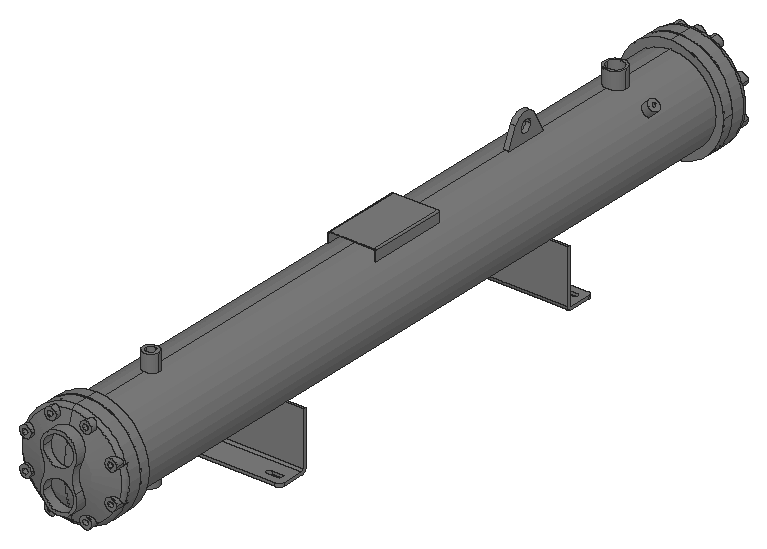
Revit family "MIT-BC_100_4P", category Specialty Equipment, Revit 2022
Family settings
  Round Connector Dimension = Use Radius
  Part Type = Normal
  Work Plane-Based = No
  Always vertical = Yes
  Cut with Voids When Loaded = No
  Maintain Annotation Orientation = No
  Shared = No
  Room Calculation Point = No
Parameters
  URL = "https://en.ekinendustriyel.com/evaporators-and-condensers"
  Test Pressure = 64.35 bar
  Production Standard = "TS EN 13831"
  Operating Pressure = 45.0 bar
  Model = "MIT-BC 100_4P"
  Manufacturer = "Ekin Endüstriyel"
  Keynote = "Condensers"
  Description = "MIT- Condensers"
  Default Elevation = 0 mm
Reference planes
  plane 1 "Center (Front/Back)": y = 0
  plane 2: z = 0
  plane 3 "Center (Left/Right)": x = 0
Forms (mm)
  Extrusion 1, solid, material "Ekin Endustriyel-S235JR", detail levels medium+fine
    sketch origin (0, 0, 0) x (1, 0, 0) y (0, 0, 1)
      loop
        circle (0, 164.15) r 84.15
    from -677.708 to 682.368
  Extrusion 2, solid, material "Ekin Endustriyel-S235JR", detail levels fine
    sketch origin (0, 0, 0) x (1, 0, 0) y (0, 0, 1)
      loop
        line (-45, 235.88) -> (-44, 235.88) -> (-44, 252.88)
        arc (-44, 252.88) -> (-43.414, 254.294) -> (-42, 254.88) r 2
        line (-42, 254.88) -> (42, 254.88)
        arc (42, 254.88) -> (43.414, 254.294) -> (44, 252.88) r 2
        line (44, 252.88) -> (44, 235.88) -> (45, 235.88) -> (45, 252.88)
        arc (45, 252.88) -> (44.121, 255.002) -> (42, 255.88) r 3
        line (42, 255.88) -> (-42, 255.88)
        arc (-42, 255.88) -> (-44.121, 255.002) -> (-45, 252.88) r 3
        line (-45, 252.88) -> (-45, 235.88)
    from -72.707 to 77.293
  Extrusion 3, solid, material "Ekin Endustriyel-S235JR", detail levels fine
    sketch origin (0, 297.897, 0) x (1, 0, 0) y (0, 1, 0)
      loop
        circle (-1.19, 249.81) r 20.25
      loop
        circle (-1.19, 249.81) r 16.251
    from 278.3 to 204.31
  Extrusion 4, solid, material "Ekin Endustriyel-S235JR", detail levels fine
    sketch origin (0, -301.958, 0) x (1, 0, 0) y (0, 1, 0)
      loop
        circle (-1.19, -250.334) r 15.25
      loop
        circle (-1.19, -250.334) r 8.928
    from 278.3 to 211.07
  Extrusion 5, solid, material "Ekin Endustriyel-S235JR", detail levels fine
    sketch origin (71.72, 547.563, 235.87) x (0, 1, 0) y (-0.707107, 0, 0.707107)
      loop
        circle (0, 0) r 11
      loop
        circle (0, 0) r 4.216
    from 0 to -32.02
  Extrusion 6, solid, material "Ekin Endustriyel-S235JR", detail levels fine
    sketch origin (0, -302.583, 0) x (1, 0, 0) y (0, 1, 0)
      loop
        circle (-2.938, -249.709) r 16.75
      loop
        circle (-2.938, -249.709) r 13.335
    from 51.131 to 169.15
  Extrusion 7, solid, material "Ekin Endustriyel-S235JR", detail levels medium+fine
    sketch origin (0, -352.034, 0) x (1, 0, 0) y (0, 0, 1)
      loop
        circle (0, 164.15) r 100
    from 330.334 to 350.334
  Extrusion 8, solid, material "Ekin Endustriyel-S235JR", detail levels medium+fine
    sketch origin (0, 978.042, 0) x (1, 0, 0) y (0, 0, 1)
      loop
        circle (0, 164.15) r 100
    from 280.334 to 300.334
  Revolve 9, solid, material "Ekin Endustriyel-S235JR", detail levels medium+fine
    sketch origin (0, -352.034, 0) x (0, 1, 0) y (0, 0, 1)
      loop
        line (-352.334, 264.15) -> (-377.299, 264.15)
        arc (-377.299, 264.15) -> (-382.802, 262.5) -> (-386.489, 258.094) r 10
        arc (-386.489, 258.094) -> (-401.262, 212.101) -> (-407.122, 164.15) r 255.705
        line (-407.122, 164.15) -> (-352.334, 164.15) -> (-352.334, 264.15)
      axis (-352.334, 164.15) -> (-407.122, 164.15)
    angle from 0 to 360
  Extrusion 10, solid, material "Ekin Endustriyel-S235JR", detail levels medium+fine
    sketch origin (0, 347.373, 0) x (1, 0, 0) y (0, 0, -1)
      loop
        circle (0, -164.15) r 100
    from 330.334 to 350.334
  Revolve 11, solid, material "Ekin Endustriyel-S235JR", detail levels medium+fine
    sketch origin (0, 347.373, 0) x (0, -1, 0) y (0, 0, -1)
      loop
        line (-352.334, -264.15) -> (-352.334, -164.15) -> (-407.122, -164.15)
        arc (-407.122, -164.15) -> (-401.262, -212.101) -> (-386.489, -258.094) r 255.705
        arc (-386.489, -258.094) -> (-382.802, -262.5) -> (-377.299, -264.15) r 10
        line (-377.299, -264.15) -> (-352.334, -264.15)
      axis (-352.334, -164.15) -> (-407.122, -164.15)
    angle from 0 to 360
  Extrusion 12, solid, detail levels coarse
    sketch origin (0, 0, 0) x (1, 0, 0) y (0, 0, 1)
      loop
        circle (0, 164.159) r 99.991
    from -754.707 to 769.293
  Extrusion 13, solid, material "Ekin Endustriyel-S235JR"
    sketch origin (0, 173.042, 0) x (0, 1, 0) y (0, 0, 1)
      loop
        arc (134.666, 9) -> (137.302, 2.636) -> (143.666, 0) r 9
        line (143.666, 0) -> (194.666, 0) -> (194.666, 5) -> (143.666, 5)
        arc (143.666, 5) -> (140.837, 6.172) -> (139.666, 9) r 4
        line (139.666, 9) -> (139.666, 110) -> (134.666, 110) -> (134.666, 9)
    from -100 to 100
  Extrusion 14, void
    sketch origin (0, 367.707, 5) x (0, -1, 0) y (1, 0, 0)
      loop
        line (25.25, 63.5) -> (25.25, 83.5)
        arc (25.25, 83.5) -> (20, 88.75) -> (14.75, 83.5) r 5.25
        line (14.75, 83.5) -> (14.75, 63.5)
        arc (14.75, 63.5) -> (20, 58.25) -> (25.25, 63.5) r 5.25
      loop
        line (10, 100) -> (-10, 100) -> (-10, -100) -> (10, -100)
        arc (10, -100) -> (2.929, -97.071) -> (0, -90) r 10
        line (0, -90) -> (0, 90)
        arc (0, 90) -> (2.929, 97.071) -> (10, 100) r 10
      loop
        arc (14.75, -83.5) -> (20, -88.75) -> (25.25, -83.5) r 5.25
        line (25.25, -83.5) -> (25.25, -63.5)
        arc (25.25, -63.5) -> (20, -58.25) -> (14.75, -63.5) r 5.25
        line (14.75, -63.5) -> (14.75, -83.5)
    from -5 to 0
  Extrusion 15, solid, material "Ekin Endustriyel-S235JR"
    sketch origin (0, -177.627, 0) x (0, -1, 0) y (0, 0, -1)
      loop
        line (134.666, -9) -> (134.666, -110) -> (139.666, -110) -> (139.666, -9)
        arc (139.666, -9) -> (140.837, -6.172) -> (143.666, -5) r 4
        line (143.666, -5) -> (194.666, -5) -> (194.666, 0) -> (143.666, 0)
        arc (143.666, 0) -> (137.302, -2.636) -> (134.666, -9) r 9
    from -100 to 100
  Extrusion 16, void
    sketch origin (0, -372.293, 5) x (0, 1, 0) y (-1, 0, 0)
      loop
        arc (25.25, -63.5) -> (20, -58.25) -> (14.75, -63.5) r 5.25
        line (14.75, -63.5) -> (14.75, -83.5)
        arc (14.75, -83.5) -> (20, -88.75) -> (25.25, -83.5) r 5.25
        line (25.25, -83.5) -> (25.25, -63.5)
      loop
        arc (10, -100) -> (2.929, -97.071) -> (0, -90) r 10
        line (0, -90) -> (0, 90)
        arc (0, 90) -> (2.929, 97.071) -> (10, 100) r 10
        line (10, 100) -> (-10, 100) -> (-10, -100) -> (10, -100)
      loop
        line (14.75, 83.5) -> (14.75, 63.5)
        arc (14.75, 63.5) -> (20, 58.25) -> (25.25, 63.5) r 5.25
        line (25.25, 63.5) -> (25.25, 83.5)
        arc (25.25, 83.5) -> (20, 88.75) -> (14.75, 83.5) r 5.25
    from -5 to 0
  Extrusion 17, solid, material "Ekin Endustriyel-S235JR", detail levels medium+fine
    sketch origin (40, -352.034, 0) x (1, 0, 0) y (0, 0, 1)
      loop
        circle (-41.19, 201.65) r 28.5
      loop
        circle (-41.19, 126.65) r 28.5
      loop
        arc (-10.508, 185.875) -> (-39.567, 236.112) -> (-73.219, 188.829) r 34.5
        arc (-73.219, 188.829) -> (-67.482, 164.15) -> (-73.219, 139.471) r 55.945
        arc (-73.219, 139.471) -> (-41.19, 92.15) -> (-9.161, 139.471) r 34.5
        arc (-9.161, 139.471) -> (-14.875, 162.527) -> (-10.508, 185.875) r 55.945
    from 390.526 to 417.259
  Extrusion 18, solid, material "Ekin Endustriyel-S235JR", detail levels medium+fine
    sketch origin (0, 348.042, 0) x (1, 0, 0) y (0, 0, 1)
      loop
        circle (-80.837, 197.64) r 11
      loop
        circle (-80.837, 197.64) r 5.497
      loop
        circle (-80.837, 130.66) r 11
      loop
        circle (-80.837, 130.66) r 5.497
      loop
        circle (80.837, 197.64) r 11
      loop
        circle (80.837, 197.64) r 5.497
      loop
        circle (80.837, 130.66) r 11
      loop
        circle (80.837, 130.66) r 5.497
      loop
        circle (33.49, 244.987) r 11
      loop
        circle (33.49, 244.987) r 5.497
      loop
        circle (-33.49, 244.987) r 11
      loop
        circle (-33.49, 244.987) r 5.497
      loop
        circle (33.49, 83.313) r 11
      loop
        circle (33.49, 83.313) r 5.497
      loop
        circle (-33.49, 83.313) r 11
      loop
        circle (-33.49, 83.313) r 5.497
      loop
        circle (0, 246.649) r 12.497
      loop
        circle (0, 246.649) r 5.497
      loop
        circle (0, 81.651) r 12.497
      loop
        circle (0, 81.651) r 5.497
    from -396.666 to -367.889
  Extrusion 19, solid, material "Ekin Endustriyel-S235JR", detail levels medium+fine
    sketch origin (0, -352.034, 0) x (1, 0, 0) y (0, 0, -1)
      loop
        circle (-80.837, -197.64) r 11
      loop
        circle (-80.837, -197.64) r 5.497
      loop
        circle (-80.837, -130.66) r 11
      loop
        circle (-80.837, -130.66) r 5.497
      loop
        circle (80.837, -197.64) r 11
      loop
        circle (80.837, -197.64) r 5.497
      loop
        circle (80.837, -130.66) r 11
      loop
        circle (80.837, -130.66) r 5.497
      loop
        circle (33.49, -244.987) r 11
      loop
        circle (33.49, -244.987) r 5.497
      loop
        circle (-33.49, -244.987) r 11
      loop
        circle (-33.49, -244.987) r 5.497
      loop
        circle (33.49, -83.313) r 11
      loop
        circle (33.49, -83.313) r 5.497
      loop
        circle (-33.49, -83.313) r 11
      loop
        circle (-33.49, -83.313) r 5.497
    from -396.666 to -367.889
  Extrusion 20, solid, material "Ekin Endustriyel-S235JR", detail levels medium+fine
    sketch origin (0, 348.042, 0) x (1, 0, 0) y (0, 0, 1)
      loop
        circle (-35.355, 199.505) r 22
      loop
        circle (35.355, 128.795) r 22
    from -406.666 to -351.666
  Extrusion 21, solid, material "Ekin Endustriyel-S235JR", detail levels fine
    sketch origin (0, -0.334, 0) x (0, -1, 0) y (0, 0, -1)
      loop
        line (-368.042, -248.151) -> (-350.514, -284.106)
        arc (-350.514, -284.106) -> (-328.042, -298.151) -> (-305.57, -284.106) r 25
        line (-305.57, -284.106) -> (-288.042, -248.151) -> (-368.042, -248.151)
      loop
        circle (-328.042, -273.151) r 12.5
    from -5 to 5
Cuts and joins
  Extrusion 14, Extrusion 16 cuts Extrusion 13
  Extrusion 16 cuts Extrusion 15
Dimensions and locks
  aligned and locked: level to plane 2
Connectors
  piping at (-1.19, -769.293, 201.65), diameter 50.8
    settings: on Extrusion 17, index 1, connector inside diameter 609.6 mm, connector length 0 mm, flow factor 0, pipe flow 0.0 L/s, pressure drop 0.0 Pa, fitting loss kfactor 0, connector angle 0.00°, fixture units 0, engagement length 0 mm, angle of deflection 0.00°, flow configuration 0, flow direction 1, fitting loss method 0, system type 7, joint type 0, gender type 0, connector reference index -1, connector utility 0, adjustable connector no, is connector primary yes, connector description ""
  piping at (-1.19, -769.293, 126.65), diameter 50.8
    settings: on Extrusion 17, index 2, connector inside diameter 609.6 mm, connector length 0 mm, flow factor 0, pipe flow 0.0 L/s, pressure drop 0.0 Pa, fitting loss kfactor 0, connector angle 0.00°, fixture units 0, engagement length 0 mm, angle of deflection 0.00°, flow configuration 0, flow direction 2, fitting loss method 0, system type 7, joint type 0, gender type 0, connector reference index -1, connector utility 0, adjustable connector no, is connector primary no, connector description ""
  hvac at (-1.19, 547.707, 278.3)
    settings: on Extrusion 3, index 3, duct flow 0.0 L/s, flow factor 0, pres drop 0.0 bar, loss coef 0, conn angle 0.00°, conn width 304.8 mm, conn height 304.8 mm, conn diameter 35 mm, duct sys type 3, conn prof type 0, flow config 0, flow direction 0, loss method 0, conn ref index -1, conn util no, is conn primary yes, conn desc ""
  hvac at (-2.938, -552.293, 51.131)
    settings: on Extrusion 6, index 4, duct flow 0.0 L/s, flow factor 0, pres drop 0.0 bar, loss coef 0, conn angle 0.00°, conn width 304.8 mm, conn height 304.8 mm, conn diameter 28 mm, duct sys type 3, conn prof type 0, flow config 0, flow direction 0, loss method 0, conn ref index -1, conn util no, is conn primary no, conn desc ""
